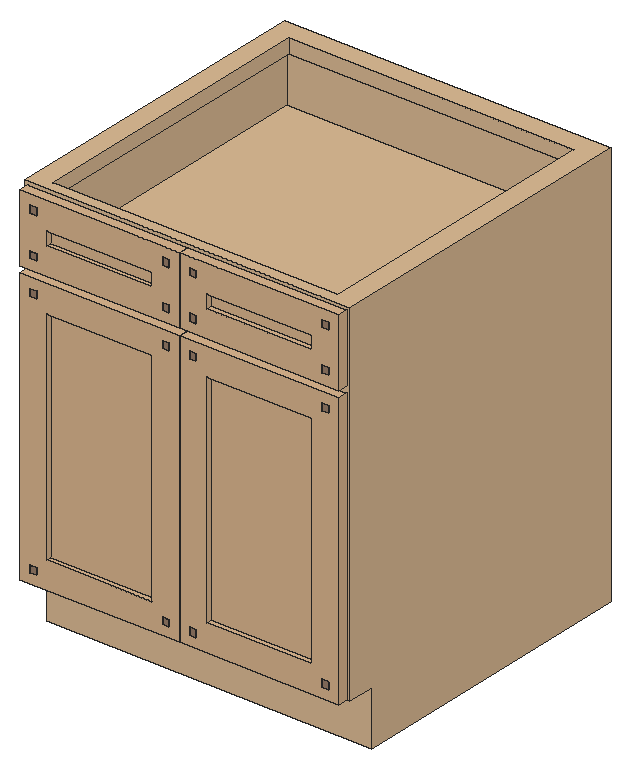
Revit family "Cabinet_Base_Doors", category Casework, Revit 2026
Family settings
  Classification Number = 23.40.35.11.11
  Work Plane-Based = No
  Always vertical = Yes
  Cut with Voids When Loaded = No
  Shared = No
  Room Calculation Point = No
Parameters (values of type "ByType")
  Width = 2' - 0"
  Warranty Duration (Years) = 5
  Toe Kick Height = 0' - 4"
  Toe Kick Depth = 0' - 2"
  Test Data = ""
  Specification = "http://www.arcat.com/divs/sec/sec12350.shtml"
  Show Annotation [instance] = yes
  Sales Information = ""
  Right Side Panel Finish = ARCAT - Wood - Maple_Hard
  Product Properties = "http://www.arcat.com/bim/bim_info.pl?fn=Cabinet_Base_Doors"
  Product Data = "http://www.arcat.com/divs/sec/sec12350.shtml"
  Panel Thickness = 0' - 0 3/4"
  Model = "Generic Base Cabinet"
  Manufacturer Website = "http://www.arcat.com/"
  Manufacturer Phone - Toll Free = ""
  Manufacturer Phone = "(203) 929-9444"  # constant formula
  Manufacturer Fax = "(203) 939-2444"  # constant formula
  Manufacturer Email = "bim@arcat.com"  # constant formula
  Manufacturer Address = "1077 Bridgeport Ave, Shelton, CT  06484"  # constant formula
  Manufacturer = "Generic"
  Maintainence Schedule (Months) = 1
  Left Side Panel Finish = ARCAT - Wood - Maple_Hard
  Keynote = "12350"
  Installation_Fabricaton = "http://www.nkba.org"
  Installation Phase = "Finish Carpentry"
  Height = 2' - 6"
  Hardware Type = "Recessed Cup Self Closing Hinges"
  Green Building-LEED = "http://www.arcat.com/green/green_building.shtml"
  Glide Type = "Side and Center Roller Bearing"
  Glass Type = none
  FrameReveal = 0' - 0 1/4"
  Frame Finish = ARCAT - Wood - Maple_Hard
  Expected Lifespan (Years) = 20
  DrwrConstrain [instance] = if(Width < 1' 6", 1, Drawer Count)  # 2
  Drawn By = "Robert S. Weygant. CSI, CDT, SCIP"  # constant formula
  Drawer Count = 2
  Drawer Width [instance] = if(DrwrConstrain > 1, ((Width - (FrameReveal * 2)) / 2), (Width - (FrameReveal * 2)))  # 0' - 11 3/4"
  Drawer Type = "Full Extension"
  Drawer Style = Drawer - Shaker : Drawer
  Drawer Height = 0' - 5"
  Drawer [instance] = Drawer Count > 0  # yes
  DoorWidth [instance] = if(DoorConstrain > 1, ((Width - (FrameReveal * 2)) / 2), (Width - (FrameReveal * 2)))  # 0' - 11 3/4"
  DoorHeight [instance] = if(Drawer Count < 1, (Height - Toe Kick Height - (FrameReveal * 2)), (Height - Toe Kick Height - (FrameReveal * 3) - Drawer Height))  # 1' - 8 1/4"
  DoorCount = 2
  DoorConstrain [instance] = if(Width < 1' 6", 1, DoorCount)  # 2
  Door Thickness = 0' - 0 3/4"
  Door Style = Drawer - Shaker : Door
  Door Panel Material = ARCAT - Wood - Cherry_Domestic
  Door Frame Material = ARCAT - Wood - Cherry_Domestic
  Door Finish = none
  Description = "36\" 1 Drawer - 2 Door Base Cabinet"
  Depth = 2' - 0"
  Default Elevation = 0' - 0"
  Copyright = "2008, ARCAT, Inc."  # constant formula
  Construction Details = "http://www.arcat.com/divs/sec/sec12350.shtml"
  Building Codes = "http://www.iccsafe.org"
  Assembly Code = "C1030410"
  2Doors [instance] = DoorConstrain > 1  # yes
Reference planes (in)
  plane 1 "Center (Front/Back)": y = -0.00857
  plane 2: z = 0
  plane 3 "Center (Left/Right)": x = 5.58216
  plane 4 "Cabinet Left": x = -6.41784
  plane 5 "Cabinet Right": x = 17.58216
  plane 6 "Cabinet Front": y = -24.00857
  plane 7: y = -0.75857
  plane 8 "Cabinet Top": z = 30
  plane 9: z = 17
  plane 10: z = 4
Forms (in)
  Extrusion 1, solid, material "ARCAT - Wood - Maple_Hard" <- "Frame Finish"
    sketch origin (-6.41784, 0, 0) x (0, 1, 0) y (0, 0, 1)
      loop
        line (-0.00857, 0) -> (-0.00857, 30) -> (-24.00857, 30) -> (-24.00857, 4) -> (-22.00857, 4) -> (-22.00857, 0) -> (-0.00857, 0)
    from 0 to 0.75
  Extrusion 2, solid, material "ARCAT - Wood - Maple_Hard" <- "Frame Finish"
    sketch origin (17.58216, 0, 0) x (0, 1, 0) y (0, 0, 1)
      loop
        line (-0.00857, 0) -> (-0.00857, 30) -> (-24.00857, 30) -> (-24.00857, 4) -> (-22.00857, 4) -> (-22.00857, 0) -> (-0.00857, 0)
    from -0.75 to 0
  Extrusion 3, solid, material "ARCAT - Wood - Maple_Hard" <- "Frame Finish"
    sketch origin (-11.08569, 0, 0) x (0, 1, 0) y (0, 0, 1)
      loop
        line (-0.00857, 0) -> (-0.00857, 30) -> (-24.00857, 30) -> (-24.00857, 4) -> (-22.00857, 4) -> (-22.00857, 0) -> (-0.00857, 0)
    from 5.41784 to 27.91784
  Extrusion 4, void
    sketch origin (0, -24.00857, 0) x (-1, 0, 0) y (0, 0, 1)
      loop
        line (5.66784, 29) -> (-16.83216, 29) -> (-16.83216, 25) -> (5.66784, 25) -> (5.66784, 29)
    from 0 to 23.25 <- "Panel Thickness"
  Extrusion 5, void
    sketch origin (0, -24.00857, 0) x (-1, 0, 0) y (0, 0, 1)
      loop
        line (5.66784, 24) -> (-16.83216, 24) -> (-16.83216, 5.5) -> (5.66784, 5.5) -> (5.66784, 24)
    from 0 to 23.25 <- "Panel Thickness"
  Extrusion 6, void
    sketch origin (0, 0, 30) x (-1, 0, 0) y (0, -1, 0)
      loop
        line (4.91784, 1.50857) -> (4.91784, 23.25857) -> (-16.08216, 23.25857) -> (-16.08216, 1.50857) -> (4.91784, 1.50857)
    from 0 to -1.5
Cuts and joins
  Extrusion 4, Extrusion 5, Extrusion 6 cuts Extrusion 1
  Extrusion 4, Extrusion 5, Extrusion 6 cuts Extrusion 2
  Extrusion 4, Extrusion 5, Extrusion 6 cuts Extrusion 3
  joined: Extrusion 1, Extrusion 2, Extrusion 3
Dimensions and locks (in)
  "Toe Kick Height": Extrusion 1 sketch curve to plane 2
  "Depth": Extrusion 1 sketch curve to Extrusion 1 sketch curve
  "Height": Extrusion 1 sketch curve to plane 2
  "Toe Kick Depth": Extrusion 1 sketch curve to Extrusion 1 sketch curve
  "Panel Thickness": Extrusion 1 to Extrusion 1
  "Width": plane 4 "Cabinet Left" to plane 5 "Cabinet Right"
  equal spacing: plane 4 "Cabinet Left", plane 3 "Center (Left/Right)", plane 5 "Cabinet Right"
  "Depth": Extrusion 2 sketch curve to Extrusion 2 sketch curve
  "Toe Kick Depth": Extrusion 2 sketch curve to Extrusion 2 sketch curve
  "Panel Thickness": Extrusion 2 to Extrusion 2
  "Depth": Extrusion 3 sketch curve to Extrusion 3 sketch curve
  "Toe Kick Depth": Extrusion 3 sketch curve to Extrusion 3 sketch curve
  locked: Extrusion 3 to Extrusion 4 sketch curve at 1
  locked: cut or joined group of Extrusion 1, Extrusion 2, Extrusion 3, Extrusion 4, Extrusion 5, Extrusion 6 to Extrusion 5 sketch curve at 1
  locked: Extrusion 5 sketch curve to cut or joined group of Extrusion 1, Extrusion 2, Extrusion 3, Extrusion 4, Extrusion 5, Extrusion 6 at 1.5
  "Panel Thickness": plane 1 "Center (Front/Back)" to plane 7
  "Height": plane 8 "Cabinet Top" to plane 2
  "Depth": plane 1 "Center (Front/Back)" to plane 6 "Cabinet Front"
  equal spacing: plane 8 "Cabinet Top", plane 9, plane 10
  plane 5 "Cabinet Right" to nested 2 = 0' - 0 1/4"
  "FrameReveal": nested 1 to plane 4 "Cabinet Left"
  "FrameReveal": plane 8 "Cabinet Top" to nested 3
  "FrameReveal": plane 5 "Cabinet Right" to nested 3
  "FrameReveal": nested 4 to plane 4 "Cabinet Left"
  "FrameReveal": plane 8 "Cabinet Top" to nested 4
  aligned and locked: Extrusion 2 to plane 1 "Center (Front/Back)"
  aligned and locked: Extrusion 1 to plane 1 "Center (Front/Back)"
  aligned and locked: Extrusion 3 to Extrusion 1
  aligned and locked: Extrusion 1 to plane 4 "Cabinet Left"
  aligned and locked: plane 5 "Cabinet Right" to Extrusion 2
  aligned and locked: Extrusion 3 to Extrusion 2
  aligned and locked: cut or joined group of Extrusion 1, Extrusion 2, Extrusion 3, Extrusion 4, Extrusion 5, Extrusion 6 to Extrusion 5 sketch curve
  aligned and locked: cut or joined group of Extrusion 1, Extrusion 2, Extrusion 3, Extrusion 4, Extrusion 5, Extrusion 6 to plane 7  (x2)
  aligned and locked: plane 6 "Cabinet Front" to cut or joined group of Extrusion 1, Extrusion 2, Extrusion 3, Extrusion 4, Extrusion 5, Extrusion 6
  aligned and locked: cut or joined group of Extrusion 1, Extrusion 2, Extrusion 3, Extrusion 4, Extrusion 5, Extrusion 6 to plane 6 "Cabinet Front"  (x2)
  aligned and locked: plane 8 "Cabinet Top" to cut or joined group of Extrusion 1, Extrusion 2, Extrusion 3, Extrusion 4, Extrusion 5, Extrusion 6  (x2)
  aligned and locked: plane 10 to cut or joined group of Extrusion 1, Extrusion 2, Extrusion 3, Extrusion 4, Extrusion 5, Extrusion 6
  aligned and locked: nested 1 to plane 10
  aligned and locked: nested 1 to plane 6 "Cabinet Front"
  aligned and locked: nested 2 to plane 3 "Center (Left/Right)"
  aligned and locked: nested 2 to plane 6 "Cabinet Front"
  aligned and locked: nested 2 to plane 10
  aligned and locked: nested 3 to plane 6 "Cabinet Front"
  aligned and locked: plane 2 to level
Automatic sketch dimensions
  Extrusion 1 sketch curve to level = 0' - 0"
  Extrusion 1 sketch curve to plane 1 "Center (Front/Back)" = 0' - 0"
  Extrusion 2 sketch curve to level = 0' - 0"
  Extrusion 2 sketch curve to plane 1 "Center (Front/Back)" = 0' - 0"
  level to Extrusion 2 sketch curve = 0' - 4"
  Extrusion 2 sketch curve to Extrusion 2 sketch curve = 2' - 6"
  Extrusion 3 sketch curve to level = 0' - 0"
  level to Extrusion 3 sketch curve = 0' - 4"
  plane 1 "Center (Front/Back)" to Extrusion 3 sketch curve = 2' - 0"
  Extrusion 3 sketch curve to Extrusion 3 sketch curve = 2' - 6"
  plane 4 "Cabinet Left" to Extrusion 4 sketch curve = 0' - 0 3/4"
  Extrusion 4 sketch curve to plane 5 "Cabinet Right" = 0' - 0 3/4"
  Extrusion 4 sketch curve to Extrusion 4 sketch curve = 0' - 4"
  plane 4 "Cabinet Left" to Extrusion 5 sketch curve = 0' - 0 3/4"
  plane 6 "Cabinet Front" to Extrusion 6 sketch curve = 0' - 0 3/4"
  plane 4 "Cabinet Left" to Extrusion 6 sketch curve = 0' - 1 1/2"
  plane 7 to Extrusion 6 sketch curve = 0' - 0 3/4"
  Extrusion 6 sketch curve to plane 5 "Cabinet Right" = 0' - 1 1/2"
Nested families (in)
  nested 1: "Drawer - Shaker" at (-2.87831, -24.00857, 4), type <- "Door Style", type "Door"
    with Depth 0' - 0 3/4", Height 1' - 8 1/4", Width 0' - 11 3/4"
  nested 2: "Drawer - Shaker" at (8.87169, -24.00857, 4), type <- "Door Style", visible <- "2Doors", type "Door"
    with Depth 0' - 0 3/4", Height 1' - 8 1/4", Width 0' - 11 3/4"
  nested 3: "Drawer - Shaker" at (8.87169, -24.00857, 24.75), type <- "Drawer Style", visible <- "2Doors", type "Drawer"
    with Depth 0' - 0 3/4", Height 0' - 5", Width 0' - 11 3/4"
  nested 4: "Drawer - Shaker" at (-2.87831, -24.00857, 24.75), type <- "Drawer Style", type "Drawer"
    with Depth 0' - 0 3/4", Height 0' - 5", Width 0' - 11 3/4"
Definition of nested family "Drawer - Shaker"
  Parameters
    Panel Material = none
    Frame Width = 0' - 2"
    Frame Material = none
    Depth = 0' - 1"
    Height = 2' - 10"
    Width = 1' - 8"
    Default Elevation = 0' - 0"
    Corner Tenon Placement = (Frame Width / 2) - 0' 0 1/4"  # 0' - 0 3/4"
    Corner Tenon Material = none
  Reference planes (in)
    plane 1 "Back": y = 0
    plane 2: z = 0
    plane 3 "Center (Left/Right)": x = 2.58547
    plane 4 "Left": x = -7.41453
    plane 5 "Right": x = 12.58547
    plane 6 "Front": y = -1
    plane 7 "Top": z = 34
    plane 8: x = -5.41453
    plane 9: z = 2
    plane 10: x = 10.58547
    plane 11: z = 32
    plane 12 "PanelFace": y = -0.5
  Forms (in)
    Sweep 1, solid, material <- "Frame Material"
      path origin (0, -1, 0) x (1, 0, 0) y (0, 0, 1)
        loop
          line (-7.41453, 0) -> (12.58547, 0) -> (12.58547, 34) -> (-7.41453, 34) -> (-7.41453, 0)
      profile origin (-7.41453, -1, 17) x (-1, 0, 0) y (0, -1, 0)
        loop
          line (0, -1) -> (0, 0) -> (-2, 0) -> (-2, -1) -> (0, -1)
    Extrusion 2, void
      sketch origin (0, -1, 0) x (1, 0, 0) y (0, 0, 1)
        loop
          line (-6.66453, 33.25) -> (-6.66453, 32.75) -> (-6.16453, 32.75) -> (-6.16453, 33.25) -> (-6.66453, 33.25)
        loop
          line (-6.66453, 1.25) -> (-6.66453, 0.75) -> (-6.16453, 0.75) -> (-6.16453, 1.25) -> (-6.66453, 1.25)
        loop
          line (11.33547, 33.25) -> (11.33547, 32.75) -> (11.83547, 32.75) -> (11.83547, 33.25) -> (11.33547, 33.25)
        loop
          line (11.33547, 1.25) -> (11.33547, 0.75) -> (11.83547, 0.75) -> (11.83547, 1.25) -> (11.33547, 1.25)
      from 0 to -1
    Extrusion 3, solid, material <- "Corner Tenon Material"
      sketch origin (0, -1, 0) x (1, 0, 0) y (0, 0, 1)
        loop
          line (-6.16453, 33.25) -> (-6.66453, 33.25) -> (-6.66453, 32.75) -> (-6.16453, 32.75) -> (-6.16453, 33.25)
        loop
          line (11.83547, 33.25) -> (11.33547, 33.25) -> (11.33547, 32.75) -> (11.83547, 32.75) -> (11.83547, 33.25)
        loop
          line (11.83547, 1.25) -> (11.33547, 1.25) -> (11.33547, 0.75) -> (11.83547, 0.75) -> (11.83547, 1.25)
        loop
          line (-6.66453, 0.75) -> (-6.16453, 0.75) -> (-6.16453, 1.25) -> (-6.66453, 1.25) -> (-6.66453, 0.75)
      from 0 to -1
    Extrusion 4, solid, material <- "Panel Material"
      sketch origin (0, -0.5, 0) x (-1, 0, 0) y (0, 0, 1)
        loop
          line (-10.58547, 32) -> (-10.58547, 2) -> (5.41453, 2) -> (5.41453, 32) -> (-10.58547, 32)
      from 0 to 0.5
  Cuts and joins
    Extrusion 2 cuts Sweep 1
  Dimensions and locks (in)
    "Depth": plane 6 "Front" to plane 1 "Back"
    "Width": plane 4 "Left" to plane 5 "Right"
    equal spacing: plane 4 "Left", plane 3 "Center (Left/Right)", plane 5 "Right"
    "Height": level to plane 7 "Top"
    "Frame Width": plane 7 "Top" to plane 11
    "Frame Width": plane 9 to plane 2
    "Frame Width": plane 4 "Left" to plane 8
    "Frame Width": plane 5 "Right" to plane 10
    equal spacing: plane 6 "Front", plane 12 "PanelFace", plane 1 "Back"
    locked: Extrusion 2 sketch curve to Extrusion 2 sketch curve at 0.5  (x8)
    "Corner Tenon Placement": plane 4 "Left" to Extrusion 2 sketch curve  (x2)
    "Corner Tenon Placement": plane 7 "Top" to Extrusion 2 sketch curve  (x2)
    "Corner Tenon Placement": Extrusion 2 sketch curve to plane 2  (x2)
    "Corner Tenon Placement": Extrusion 2 sketch curve to plane 5 "Right"  (x2)
    aligned and locked: Sweep 1 sketch curve to plane 4 "Left"
    aligned and locked: Sweep 1 sketch curve to plane 7 "Top"
    aligned and locked: Sweep 1 sketch curve to plane 5 "Right"
    aligned and locked: Sweep 1 sketch curve to plane 2
    aligned and locked: profile plane to Sweep 1 sketch curve  (x2)
    aligned and locked: plane 1 "Back" to Sweep 1 sketch curve
    aligned and locked: Sweep 1 sketch curve to plane 8
    aligned and locked: Extrusion 2 to plane 1 "Back"
    aligned and locked: cut or joined group of Sweep 1, Extrusion 2 to plane 6 "Front"
    aligned and locked: Extrusion 3 sketch curve to cut or joined group of Sweep 1, Extrusion 2  (x16)
    aligned and locked: Extrusion 3 to plane 1 "Back"
    aligned and locked: plane 6 "Front" to Extrusion 3
    aligned and locked: Extrusion 4 sketch curve to cut or joined group of Sweep 1, Extrusion 2  (x4)
    aligned and locked: Extrusion 4 to plane 1 "Back"
    aligned and locked: plane 12 "PanelFace" to Extrusion 4
